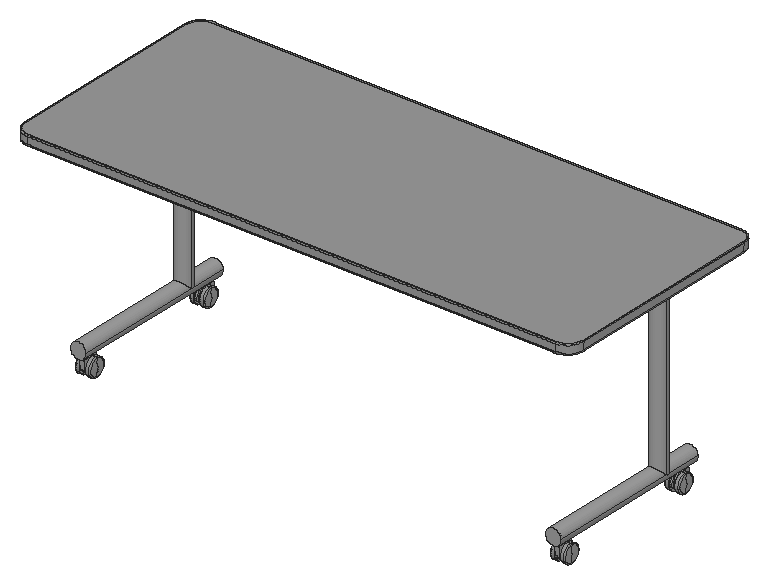
Revit family "Trios C Leg 7230", category Generic Models, Revit 2018
Family settings
  Can host rebar = No
  Round Connector Dimension = Use Diameter
  Part Type = Normal
  Work Plane-Based = No
  Always vertical = Yes
  Cut with Voids When Loaded = No
  Shared = No
  Room Calculation Point = No
Parameters
  Surface = Trio C Leg 7230 Surface
  Leg Finish = Trio Leg Platinum
  Grommets = Trios 7230 Tabletop : Trios 7230 Tabletop
  Edgeband = Trio C Leg 7230 Edgeband
  Caster/Glider = Trios C Leg - Casters : Trios C Leg - Casters
Reference planes (in)
  plane 1 "Center (Front/Back)": y = 0
  plane 2: z = 0
  plane 3 "Center (Left/Right)": x = 0
Forms (in)
  Extrusion 1, solid, material "Trio Leg Platinum" <- "Leg Finish"
    sketch origin (0, 0, -0.03275) x (0, 1, 0) y (0, 0, 1)
      loop
        line (0.5, 27.7518) -> (-0.5, 27.7518) -> (-0.5, 26.80073) -> (0.5, 26.80073) -> (0.5, 27.7518)
    from -27.5 to 27.5
Dimensions and locks (in)
  aligned and locked: plane 2 to level
Nested families (in)
  nested 1: "Trios C Leg - Casters" at (-30.58071, 0, 0), type <- "Caster/Glider", type "Trios C Leg - Casters"
  nested 2: "Trios C Leg - Casters" at (30.58071, 0, 0) x (-1, 0, 0) z (0, 0, 1), type <- "Caster/Glider", type "Trios C Leg - Casters"
  nested 3: "Trios 7230 Tabletop" at (0, 0, -0.04893), type <- "Grommets", type "Trios 7230 Tabletop"
Definition of nested family "Trios C Leg - Casters"
  Parameters (values of type "Trios C Leg - Casters")
    Leg Finish = none
  Reference planes (in)
    plane 1 "Center (Front/Back)": y = 0
    plane 2: z = 0
    plane 3 "Center (Left/Right)": x = 0
  Forms (in)
    Revolve 1, solid
      sketch origin (24.58071, -9.2026, 0) x (1, 0, 0) y (0, 0, 1)
        loop
          line (-24.97071, 0.96467) -> (-24.19071, 0.96467) -> (-24.19071, 0) -> (-23.75169, 0)
          arc (-23.75169, 0) -> (-23.6768, 0.03102) -> (-23.64578, 0.10591) r 0.10591
          arc (-23.64578, 0.10591) -> (-23.60985, 0.63116) -> (-23.59787, 1.1575) r 11.56601
          line (-23.59787, 1.1575) -> (-25.56355, 1.1575)
          arc (-25.56355, 1.1575) -> (-25.55156, 0.63116) -> (-25.51564, 0.10591) r 11.56601
          arc (-25.51564, 0.10591) -> (-25.48462, 0.03102) -> (-25.40973, 0) r 0.10591
          line (-25.40973, 0) -> (-24.97071, 0) -> (-24.97071, 0.96467)
        axis (-23.59787, 1.1575) -> (-25.56355, 1.1575)
      angle from 0 to 360
    Extrusion 2, solid
      sketch origin (24.58071, -2.50544, 0) x (0, 1, 0) y (0, 0, 1)
        loop
          line (-7.72966, 0.8701) -> (-5.67751, 0.8701)
          arc (-5.67751, 0.8701) -> (-5.59637, 0.90001) -> (-5.55407, 0.97544) r 0.125
          arc (-5.55407, 0.97544) -> (-5.81666, 1.90885) -> (-6.69716, 2.315) r 1.1575
          line (-6.69716, 2.315) -> (-7.72966, 2.315)
          arc (-7.72966, 2.315) -> (-7.81805, 2.27839) -> (-7.85466, 2.19) r 0.125
          line (-7.85466, 2.19) -> (-7.85466, 0.9951)
          arc (-7.85466, 0.9951) -> (-7.81805, 0.90671) -> (-7.72966, 0.8701) r 0.125
      from -24.89567 to -24.26575
    Revolve 3, solid
      sketch origin (24.58071, -9.99, 0) x (1, 0, 0) y (0, 0, 1)
        loop
          line (-24.58071, 2.74648) -> (-24.58071, 2.315) -> (-24.39321, 2.315) -> (-24.39321, 2.402) -> (-24.26248, 2.402) -> (-24.26248, 2.55948) -> (-24.39321, 2.55948) -> (-24.39321, 2.74648) -> (-24.58071, 2.74648)
        axis (-24.58071, 2.315) -> (-24.58071, 2.74648)
      angle from 0 to 360
    Extrusion 4, solid
      sketch origin (24.58071, -2.50544, 0) x (0, 1, 0) y (0, 0, 1)
        loop
          arc (-5.36095, 1.27372) -> (-5.63909, 1.69661) -> (-5.81774, 2.1702) r 2.29458
          arc (-5.81774, 2.1702) -> (-5.87342, 2.23656) -> (-5.96002, 2.23454) r 0.1
          line (-5.96002, 2.23454) -> (-6.11283, 2.15668)
          arc (-6.11283, 2.15668) -> (-5.66582, 1.68299) -> (-5.54534, 1.04293) r 1.1575
          line (-5.54534, 1.04293) -> (-5.39253, 1.12079)
          arc (-5.39253, 1.12079) -> (-5.34, 1.18966) -> (-5.36095, 1.27372) r 0.1
      from -24.70571 to -24.45571
    Revolve 5, solid
      sketch origin (24.58071, 9.2026, 0) x (1, 0, 0) y (0, 0, -1)
        loop
          line (-24.97071, -0.96467) -> (-24.97071, 0) -> (-25.40973, 0)
          arc (-25.40973, 0) -> (-25.48462, -0.03102) -> (-25.51564, -0.10591) r 0.10591
          arc (-25.51564, -0.10591) -> (-25.55156, -0.63116) -> (-25.56355, -1.1575) r 11.56601
          line (-25.56355, -1.1575) -> (-23.59787, -1.1575)
          arc (-23.59787, -1.1575) -> (-23.60985, -0.63116) -> (-23.64578, -0.10591) r 11.56601
          arc (-23.64578, -0.10591) -> (-23.6768, -0.03102) -> (-23.75169, 0) r 0.10591
          line (-23.75169, 0) -> (-24.19071, 0) -> (-24.19071, -0.96467) -> (-24.97071, -0.96467)
        axis (-23.59787, -1.1575) -> (-25.56355, -1.1575)
      angle from 0 to 360
    Extrusion 6, solid
      sketch origin (24.58071, 2.50544, 0) x (0, -1, 0) y (0, 0, -1)
        loop
          arc (-7.72966, -0.8701) -> (-7.81805, -0.90671) -> (-7.85466, -0.9951) r 0.125
          line (-7.85466, -0.9951) -> (-7.85466, -2.19)
          arc (-7.85466, -2.19) -> (-7.81805, -2.27839) -> (-7.72966, -2.315) r 0.125
          line (-7.72966, -2.315) -> (-6.69716, -2.315)
          arc (-6.69716, -2.315) -> (-5.81666, -1.90885) -> (-5.55407, -0.97544) r 1.1575
          arc (-5.55407, -0.97544) -> (-5.59637, -0.90001) -> (-5.67751, -0.8701) r 0.125
          line (-5.67751, -0.8701) -> (-7.72966, -0.8701)
      from -24.89567 to -24.26575
    Revolve 7, solid
      sketch origin (24.58071, 9.99, 0) x (1, 0, 0) y (0, 0, -1)
        loop
          line (-24.58071, -2.74648) -> (-24.39321, -2.74648) -> (-24.39321, -2.55948) -> (-24.26248, -2.55948) -> (-24.26248, -2.402) -> (-24.39321, -2.402) -> (-24.39321, -2.315) -> (-24.58071, -2.315) -> (-24.58071, -2.74648)
        axis (-24.58071, -2.315) -> (-24.58071, -2.74648)
      angle from 0 to 360
    Extrusion 8, solid
      sketch origin (24.58071, 2.50544, 0) x (0, -1, 0) y (0, 0, -1)
        loop
          arc (-5.36095, -1.27372) -> (-5.34, -1.18966) -> (-5.39253, -1.12079) r 0.1
          line (-5.39253, -1.12079) -> (-5.54534, -1.04293)
          arc (-5.54534, -1.04293) -> (-5.66582, -1.68299) -> (-6.11283, -2.15668) r 1.1575
          line (-6.11283, -2.15668) -> (-5.96002, -2.23454)
          arc (-5.96002, -2.23454) -> (-5.87342, -2.23656) -> (-5.81774, -2.1702) r 0.1
          arc (-5.81774, -2.1702) -> (-5.63909, -1.69661) -> (-5.36095, -1.27372) r 2.29458
      from -24.70571 to -24.45571
    Extrusion 9, solid, material <- "Leg Finish"
      sketch origin (0, 6, 0) x (1, 0, 0) y (0, 1, 0)
        loop
          circle (0, 0) r 1
      from 3.56048 to 27.50948
    Extrusion 10, solid, material <- "Leg Finish"
      sketch origin (0, 0, 0) x (1, 0, 0) y (0, 0, 1)
        loop
          circle (0, 3.56048) r 1
      from -11 to 11
    Extrusion 11, solid, material <- "Leg Finish"
      sketch origin (0, 0, 0) x (1, 0, 0) y (0, 1, 0)
        loop
          line (-3, 9.75) -> (-3, 2.25)
          arc (-3, 2.25) -> (-2.92678, 2.07322) -> (-2.75, 2) r 0.25
          line (-2.75, 2) -> (2.75, 2)
          arc (2.75, 2) -> (2.92678, 2.07322) -> (3, 2.25) r 0.25
          line (3, 2.25) -> (3, 9.75)
          arc (3, 9.75) -> (2.92678, 9.92678) -> (2.75, 10) r 0.25
          line (2.75, 10) -> (-2.75, 10)
          arc (-2.75, 10) -> (-2.92678, 9.92678) -> (-3, 9.75) r 0.25
      from 27.50948 to 27.71848
  Dimensions and locks (in)
    aligned and locked: plane 2 to level
Definition of nested family "Trios 7230 Tabletop"
  Parameters (values of type "Trios 7230 Tabletop")
    Surface = none
    Edgeband = none
  Reference planes (in)
    plane 1 "Center (Front/Back)": y = 0
    plane 2: z = 0
    plane 3 "Center (Left/Right)": x = 0
  Forms (in)
    Extrusion 1, solid, material <- "Surface"
      sketch origin (0, 0, 0) x (1, 0, 0) y (0, 1, 0)
        loop
          line (34, 14.79342) -> (-34, 14.79342)
          arc (-34, 14.79342) -> (-35.3307, 14.24223) -> (-35.88189, 12.91153) r 1.88189
          line (-35.88189, 12.91153) -> (-35.88189, -12.91153)
          arc (-35.88189, -12.91153) -> (-35.3307, -14.24223) -> (-34, -14.79342) r 1.88189
          line (-34, -14.79342) -> (34, -14.79342)
          arc (34, -14.79342) -> (35.3307, -14.24223) -> (35.88189, -12.91153) r 1.88189
          line (35.88189, -12.91153) -> (35.88189, 12.91153)
          arc (35.88189, 12.91153) -> (35.3307, 14.24223) -> (34, 14.79342) r 1.88189
      from 27.76798 to 28.96798
    Sweep 2, solid, material <- "Edgeband"
      path origin (0, 0, 0) x (1, 0, 0) y (0, 1, 0)
        loop
          line (34, 14.79342) -> (-34, 14.79342)
          arc (-34, 14.79342) -> (-35.3307, 14.24223) -> (-35.88189, 12.91153) r 1.88189
          line (-35.88189, 12.91153) -> (-35.88189, -12.91153)
          arc (-35.88189, -12.91153) -> (-35.3307, -14.24223) -> (-34, -14.79342) r 1.88189
          line (-34, -14.79342) -> (34, -14.79342)
          arc (34, -14.79342) -> (35.3307, -14.24223) -> (35.88189, -12.91153) r 1.88189
          line (35.88189, -12.91153) -> (35.88189, 12.91153)
          arc (35.88189, 12.91153) -> (35.3307, 14.24223) -> (34, 14.79342) r 1.88189
      profile origin (0, 14.79342, 0) x (0, -1, 0) y (0, 0, 1)
        loop
          arc (0, 28.96798) -> (-0.08352, 28.93339) -> (-0.11811, 28.84987) r 0.11811
          line (-0.11811, 28.84987) -> (-0.11811, 27.88609)
          arc (-0.11811, 27.88609) -> (-0.08352, 27.80257) -> (0, 27.76798) r 0.11811
          line (0, 27.76798) -> (0, 28.96798)
  Dimensions and locks (in)
    aligned and locked: plane 2 to level
